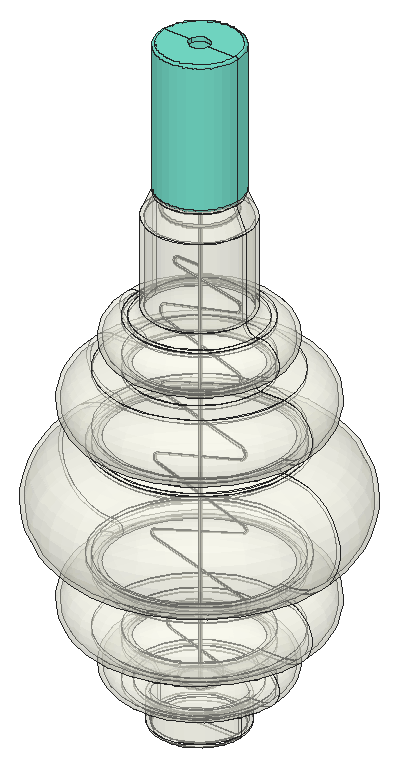
Revit family "LGB5", category Lighting Fixtures, Revit 2024
Family settings
  Round Connector Dimension = Use Diameter
  Part Type = Normal
  OmniClass Number = 23.80.70.00
  OmniClass Title = Lighting
  Work Plane-Based = No
  Always vertical = Yes
  Cut with Voids When Loaded = No
  Light Source = No
  Maintain Annotation Orientation = No
  Shared = No
  Room Calculation Point = No
Parameters
  Default Elevation = 0' - 0"
Reference planes (in)
  plane 1 "Light Source Axis (F/B)": y = 0
  plane 2: z = 0
  plane 3 "Light Source Axis (L/R)": x = 0
  plane 4 "Light Source Elevation": z = 54
Forms (in)
  Revolve 1, solid, material "78"
    sketch origin (0, 0, 2.25) x (1, 0, 0) y (0, 0, 1)
      loop
        arc (-0.9375, 68) -> (-0.98169, 67.98169) -> (-1, 67.9375) r 0.0625
        line (-1, 67.9375) -> (-1, 64.5625)
        arc (-1, 64.5625) -> (-0.98169, 64.51831) -> (-0.9375, 64.5) r 0.0625
        line (-0.9375, 64.5) -> (-0.90625, 64.5) -> (-0.90625, 67.90625) -> (-0.25, 67.90625) -> (-0.25, 68) -> (-0.9375, 68)
      axis (0, 68) -> (0, 64.5)
    angle from 0 to 360
  Revolve 2, solid, material "GENEVA BULB"
    sketch origin (0, 0, 2.25) x (1, 0, 0) y (0, 0, 1)
      loop
        arc (-0.9375, 64.5) -> (-0.97165, 64.48984) -> (-0.99471, 64.46267) r 0.0625
        line (-0.99471, 64.46267) -> (-1.25, 63.88255) -> (-1.25, 61.75)
        arc (-1.25, 61.75) -> (-1.32322, 61.57322) -> (-1.5, 61.5) r 0.25
        line (-1.5, 61.5) -> (-1.625, 61.5)
        arc (-1.625, 61.5) -> (-2.125, 61) -> (-1.625, 60.5) r 0.5
        arc (-1.625, 60.5) -> (-1.5, 60.375) -> (-1.625, 60.25) r 0.125
        line (-1.625, 60.25) -> (-2.25, 60.25)
        arc (-2.25, 60.25) -> (-3, 59.5) -> (-2.25, 58.75) r 0.75
        arc (-2.25, 58.75) -> (-2.125, 58.625) -> (-2.25, 58.5) r 0.125
        line (-2.25, 58.5) -> (-2.375, 58.5)
        arc (-2.375, 58.5) -> (-3.75, 57.125) -> (-2.375, 55.75) r 1.375
        line (-2.375, 55.75) -> (-2.25, 55.75)
        arc (-2.25, 55.75) -> (-2.125, 55.625) -> (-2.25, 55.5) r 0.125
        arc (-2.25, 55.5) -> (-3, 54.75) -> (-2.25, 54) r 0.75
        line (-2.25, 54) -> (-1.625, 54)
        arc (-1.625, 54) -> (-1.5, 53.875) -> (-1.625, 53.75) r 0.125
        arc (-1.625, 53.75) -> (-2.125, 53.25) -> (-1.625, 52.75) r 0.5
        line (-1.625, 52.75) -> (-1.375, 52.75)
        arc (-1.375, 52.75) -> (-1.19822, 52.67678) -> (-1.125, 52.5) r 0.25
        line (-1.125, 52.5) -> (-1.125, 51.875)
        arc (-1.125, 51.875) -> (-1.08839, 51.78661) -> (-1, 51.75) r 0.125
        line (-1, 51.75) -> (0, 51.75) -> (0, 51.84375) -> (-1, 51.84375)
        arc (-1, 51.84375) -> (-1.0221, 51.8529) -> (-1.03125, 51.875) r 0.03125
        line (-1.03125, 51.875) -> (-1.03125, 52.5)
        arc (-1.03125, 52.5) -> (-1.13193, 52.74307) -> (-1.375, 52.84375) r 0.34375
        line (-1.375, 52.84375) -> (-1.625, 52.84375)
        arc (-1.625, 52.84375) -> (-2.03125, 53.25) -> (-1.625, 53.65625) r 0.40625
        arc (-1.625, 53.65625) -> (-1.40625, 53.875) -> (-1.625, 54.09375) r 0.21875
        line (-1.625, 54.09375) -> (-2.25, 54.09375)
        arc (-2.25, 54.09375) -> (-2.90625, 54.75) -> (-2.25, 55.40625) r 0.65625
        arc (-2.25, 55.40625) -> (-2.03125, 55.625) -> (-2.25, 55.84375) r 0.21875
        line (-2.25, 55.84375) -> (-2.375, 55.84375)
        arc (-2.375, 55.84375) -> (-3.65625, 57.125) -> (-2.375, 58.40625) r 1.28125
        line (-2.375, 58.40625) -> (-2.25, 58.40625)
        arc (-2.25, 58.40625) -> (-2.03125, 58.625) -> (-2.25, 58.84375) r 0.21875
        arc (-2.25, 58.84375) -> (-2.90625, 59.5) -> (-2.25, 60.15625) r 0.65625
        line (-2.25, 60.15625) -> (-1.625, 60.15625)
        arc (-1.625, 60.15625) -> (-1.40625, 60.375) -> (-1.625, 60.59375) r 0.21875
        arc (-1.625, 60.59375) -> (-2.03125, 61) -> (-1.625, 61.40625) r 0.40625
        line (-1.625, 61.40625) -> (-1.5, 61.40625)
        arc (-1.5, 61.40625) -> (-1.25693, 61.50693) -> (-1.15625, 61.75) r 0.34375
        line (-1.15625, 61.75) -> (-1.15625, 63.86284) -> (-0.91711, 64.40625) -> (-0.78673, 64.40625) -> (-0.78673, 65.93591) -> (-0.88048, 65.93591) -> (-0.88048, 64.5) -> (-0.9375, 64.5)
      axis (0, 65.93591) -> (0, 51.75)
    angle from 0 to 360
  Revolve 3, solid, material "INTERNAL"
    sketch origin (0, 0, 2.25) x (1, 0, 0) y (0, 0, 1)
      loop
        circle (-0.81943, 64.07284) r 0.03201
      loop
        circle (-0.4473, 52.86288) r 0.03201
      loop
        line (-0.03125, 64.22167) -> (-0.03125, 52.84973) -> (0, 52.84973) -> (0, 64.22167) -> (-0.03125, 64.22167)
      axis (0, 64.22167) -> (0, 52.84973)
    angle from 0 to 360
  Sweep 4, solid, material "INTERNAL"
    path origin (0, 0, 2.25) x (1, 0, 0) y (0, 0, 1)
      loop
        line (-0.25, 64.5) -> (-0.25, 64.22199) -> (0.25, 64.22199) -> (0.25, 64.5)
    profile origin (-0.25, 0, 66.611) x (0, -1, 0) y (1, 0, 0)
      loop
        circle (0, 0) r 0.0312
  Extrusion 5, solid, material "LIGHT"
    sketch origin (0, 0, 2.25) x (1, 0, 0) y (0, 0, 1)
      loop
        line (-0.03125, 62.67154) -> (-0.03125, 62.70279) -> (-0.58206, 62.70279)
        arc (-0.58206, 62.70279) -> (-0.6944, 62.60075) -> (-0.6036, 62.47914) r 0.11286
        line (-0.6036, 62.47914) -> (0.9749, 62.17231)
        arc (0.9749, 62.17231) -> (1.07916, 62.04806) -> (0.9793, 61.92024) r 0.12887
        line (0.9793, 61.92024) -> (-0.88609, 61.48958)
        arc (-0.88609, 61.48958) -> (-1.05815, 61.28171) -> (-0.90277, 61.06109) r 0.22221
        line (-0.90277, 61.06109) -> (0.99133, 60.46544)
        arc (0.99133, 60.46544) -> (1.0886, 60.33234) -> (0.99027, 60.20001) r 0.13895
        line (0.99027, 60.20001) -> (-0.89784, 59.62276)
        arc (-0.89784, 59.62276) -> (-1.02831, 59.44318) -> (-0.89165, 59.26827) r 0.18442
        line (-0.89165, 59.26827) -> (1.09042, 58.73717)
        arc (1.09042, 58.73717) -> (1.20274, 58.59081) -> (1.09042, 58.44444) r 0.15153
        line (1.09042, 58.44444) -> (-1.11248, 57.85417)
        arc (-1.11248, 57.85417) -> (-1.22286, 57.7129) -> (-1.11748, 57.56786) r 0.14895
        line (-1.11748, 57.56786) -> (1.1786, 56.86587)
        arc (1.1786, 56.86587) -> (1.22906, 56.79768) -> (1.1786, 56.72949) r 0.07131
        line (1.1786, 56.72949) -> (-1.20361, 56.00117)
        arc (-1.20361, 56.00117) -> (-1.28971, 55.88268) -> (-1.19953, 55.76726) r 0.12169
        line (-1.19953, 55.76726) -> (1.09842, 55.15152) -> (1.15097, 55.13744)
        arc (1.15097, 55.13744) -> (1.27525, 54.98397) -> (1.1677, 54.81835) r 0.16799
        line (1.1677, 54.81835) -> (-0.76571, 54.07618)
        arc (-0.76571, 54.07618) -> (-0.87459, 53.91169) -> (-0.7545, 53.75519) r 0.16985
        line (-0.7545, 53.75519) -> (0.54361, 53.35832)
        arc (0.54361, 53.35832) -> (0.6211, 53.28542) -> (0.61044, 53.17957) r 0.12027
        line (0.61044, 53.17957) -> (0.42867, 52.88868) -> (0.45517, 52.87212) -> (0.63694, 53.16301)
        arc (0.63694, 53.16301) -> (0.65037, 53.29637) -> (0.55274, 53.3882) r 0.15152
        line (0.55274, 53.3882) -> (-0.74536, 53.78507)
        arc (-0.74536, 53.78507) -> (-0.84335, 53.91278) -> (-0.75451, 54.04701) r 0.1386
        line (-0.75451, 54.04701) -> (1.1789, 54.78917)
        arc (1.1789, 54.78917) -> (1.30646, 54.98561) -> (1.15906, 55.16763) r 0.19924
        line (1.15906, 55.16763) -> (-1.19144, 55.79744)
        arc (-1.19144, 55.79744) -> (-1.25846, 55.88322) -> (-1.19448, 55.97128) r 0.09044
        line (-1.19448, 55.97128) -> (1.18774, 56.6996)
        arc (1.18774, 56.6996) -> (1.26031, 56.79768) -> (1.18774, 56.89576) r 0.10256
        line (1.18774, 56.89576) -> (-1.10835, 57.59774)
        arc (-1.10835, 57.59774) -> (-1.19162, 57.71235) -> (-1.1044, 57.82399) r 0.1177
        line (-1.1044, 57.82399) -> (1.09851, 58.41425)
        arc (1.09851, 58.41425) -> (1.23399, 58.59081) -> (1.09851, 58.76736) r 0.18278
        line (1.09851, 58.76736) -> (-0.88357, 59.29845)
        arc (-0.88357, 59.29845) -> (-0.99707, 59.44373) -> (-0.8887, 59.59287) r 0.15317
        line (-0.8887, 59.59287) -> (0.99941, 60.17013)
        arc (0.99941, 60.17013) -> (1.11985, 60.33221) -> (1.00071, 60.49525) r 0.1702
        line (1.00071, 60.49525) -> (-0.89339, 61.0909)
        arc (-0.89339, 61.0909) -> (-1.02692, 61.28049) -> (-0.87906, 61.45913) r 0.19096
        line (-0.87906, 61.45913) -> (0.98633, 61.88979)
        arc (0.98633, 61.88979) -> (1.11041, 62.0486) -> (0.98086, 62.20299) r 0.16012
        line (0.98086, 62.20299) -> (-0.59763, 62.50982)
        arc (-0.59763, 62.50982) -> (-0.6633, 62.59775) -> (-0.58206, 62.67154) r 0.08161
        line (-0.58206, 62.67154) -> (-0.03125, 62.67154)
    from 0.01562 to -0.01562
Dimensions and locks (in)
  aligned and locked: level to plane 2
